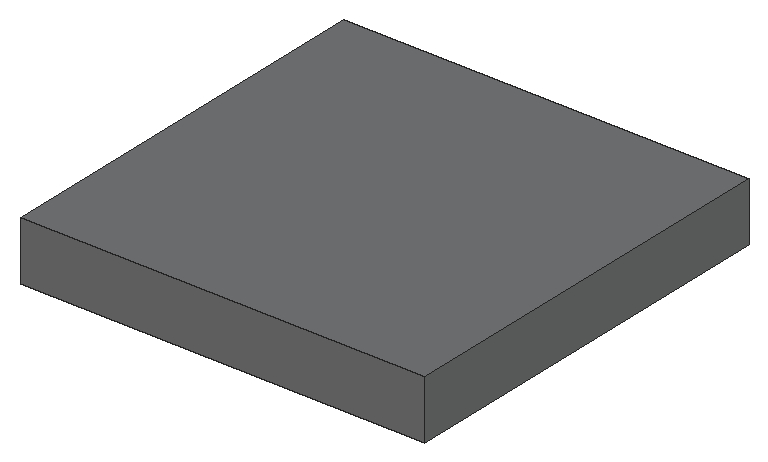
Revit family "Gira_027027", category Electrical Fixtures, host Face, Revit 2017
Family settings
  Host = Face
  Maintain Annotation Orientation = No
  Round Connector Dimension = Use Diameter
  Part Type = Normal
  Cut with Voids When Loaded = No
  Shared = No
  Room Calculation Point = No
Parameters (values of type "Cov. UAE/IAE + network System 55 p.white m")
  With strain relief = "No"
  With imprint = "No"
  With hinged lid = "No"
  With dust cover = "No"
  Utilization = "UAE/IAE (ISDN)"
  URL = "http://katalog.gira.de/en/datenblatt.html?artikelnr=027027"
  Type of fastening = "Mounting with screw"
  Transparent = "No"
  Surface protection = "Other"
  Surface finishing = "Matt"
  Support ring = "No"
  Suitable for degree of protection (IP) = "IP20"
  RAL-number (akin) = "9010"
  Name = "Cov. UAE/IAE + network System 55 p.white m"
  Mounting method = "Flush mounted (plaster)"
  Material quality = "Thermoplastic"
  Material = "Plastic"
  Manufacturer URL = "https://www.gira.de/"
  Manufacturer = "Gira"
  Luster terminal = "No"
  Keynote = ""
  Imprintable label = "Without indication field"
  HeinzeBIM = "https://bimportal.heinze.de/bim/cov-uae-iae-network-system-55-p-white-m/d5557eac2006fcb898c2c18dc32f45103d1dde49"
  Halogen free = "Yes"
  HAN = "027027"
  GTIN = "4010337270270"
  Description = "Cov.UAE IAE network Sys55 PWm,Cover for UAE IAE (ISDN) and network connection box,,pure white matt,Features:,- Cover plate can be broken out.,,Notes :,- Suitable for UAE IAE (ISDN) connection boxes."
  Default Elevation = 1219.2 mm
  Data sheet (1) = "https://katalog.gira.de/en/download.html?artikelnr=027027"
  Colour = "White"
  Category = "Insert/cover for communication technology"
  BIM (1) = "https://media.stage.bim.site/public/gira/36a6b08/Sys55_Abdeckung_Schalten und Tasten.rfa?public/gira/36a6b08/Sys55_Abdeckung_Schalten und Tasten.rfa"
  Available = "No"
  Assembly arrangement = "Central cover plate"
  Anthrazit [instance] = Anthrazit
Reference planes
  plane 1 "Center (Front/Back)": y = 0
  plane 2: z = 0
  plane 3 "Center (Left/Right)": x = 0
Forms (mm)
  Extrusion 1, solid, material "Anthrazit" <- "Anthrazit", detail levels fine
    sketch origin (0, 0, 0) x (1, 0, 0) y (0, 1, 0)
      loop
        line (-27.5, 27.5) -> (-27.5, -27.5) -> (27.5, -27.5) -> (27.5, 27.5) -> (-27.5, 27.5)
    from 0 to 8
  Extrusion 2, void
    sketch origin (0, 0, 0) x (1, 0, 0) y (0, 1, 0)
      loop
        line (26, 26) -> (-26, 26) -> (-26, -26) -> (26, -26) -> (26, 26)
    from 0 to 6
  Extrusion 3, solid, material "Anthrazit" <- "Anthrazit", detail levels medium
    sketch origin (0, 0, 0) x (1, 0, 0) y (0, 1, 0)
      loop
        line (-27.5, 27.5) -> (-27.5, -27.5) -> (27.5, -27.5) -> (27.5, 27.5) -> (-27.5, 27.5)
    from 0 to 8
  Extrusion 4, solid, material "Anthrazit" <- "Anthrazit", detail levels medium
    sketch origin (0, 0, 0) x (1, 0, 0) y (0, 1, 0)
      loop
        line (11, -17.5) -> (11, 17.5) -> (-11, 17.5) -> (-11, -17.5) -> (11, -17.5)
    from -6 to 6
  Extrusion 5, solid, material "Anthrazit" <- "Anthrazit", detail levels fine
    sketch origin (0, 0, 0) x (1, 0, 0) y (0, 1, 0)
      loop
        line (11, 17.5) -> (-11, 17.5) -> (-11, 16.5) -> (11, 16.5) -> (11, 17.5)
      loop
        line (-11, -16.5) -> (-11, -17.5) -> (11, -17.5) -> (11, -16.5) -> (-11, -16.5)
    from -4 to 6
  Extrusion 6, solid, material "Anthrazit" <- "Anthrazit", detail levels fine
    sketch origin (0, 0, 0) x (1, 0, 0) y (0, 1, 0)
      loop
        arc (5, 9.347) -> (0, 10.6) -> (-5, 9.347) r 10.6
        line (-5, 9.347) -> (-5, -9.347)
        arc (-5, -9.347) -> (0, -10.6) -> (5, -9.347) r 10.6
        line (5, -9.347) -> (5, 9.347)
    from -6 to 6
  Extrusion 7, solid, material "Anthrazit" <- "Anthrazit", detail levels coarse
    sketch origin (0, 0, 0) x (1, 0, 0) y (0, 1, 0)
      loop
        line (-27.5, 27.5) -> (-27.5, -27.5) -> (27.5, -27.5) -> (27.5, 27.5) -> (-27.5, 27.5)
    from -6 to 8
Cuts and joins
  Extrusion 2 cuts Extrusion 1
Dimensions and locks
  aligned and locked: plane 2 to host face
  aligned and locked: level to host face
